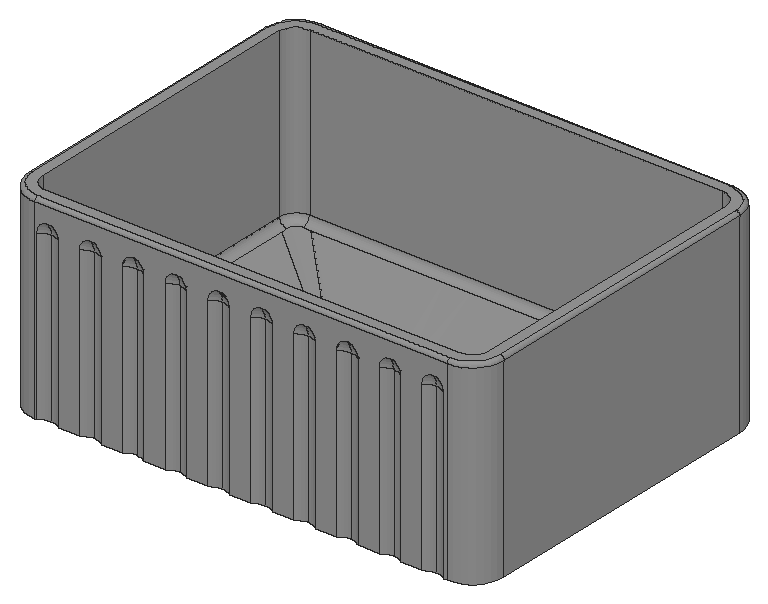
Revit family "BUILDMAT-SFFSSW04-Rose-Farmhouse-Fireclay-Sink-Gloss_White-Face_Based", category Generic Models, host Face, Revit 2026
Family settings
  Host = Face
  Can host rebar = No
  Round Connector Dimension = Use Diameter
  Part Type = Normal
  Cut with Voids When Loaded = No
  Maintain Annotation Orientation = No
  Shared = No
  Room Calculation Point = No
Parameters
  Undermount [instance] = 20 mm
  Default Elevation = 1219.2 mm
Reference planes
  plane 1 "Center (Front/Back)": y = 0
  plane 2: z = 0
  plane 3 "Center (Left/Right)": x = 0
  plane 4: z = -20
  plane 5: z = -274
  plane 6: x = -305
  plane 7: x = -287
  plane 8: x = 287
  plane 9: x = 305
  plane 10: y = 229.5
  plane 11: y = 211.5
  plane 12: y = -211.5
  plane 13: y = -229.5
  plane 14: x = -65
  plane 15: x = 65
  plane 16: x = 45
  plane 17: x = -45
  plane 18: y = 65
  plane 19: y = 45
  plane 20: y = -45
  plane 21: y = -65
  plane 22: z = -255
  plane 23: z = -243
Forms (mm)
  Extrusion 1, void
    sketch origin (0, 0, 0) x (1, 0, 0) y (0, 1, 0)
      loop
        arc (-265, 229.5) -> (-293.284, 217.784) -> (-305, 189.5) r 40
        line (-305, 189.5) -> (-305, -189.5)
        arc (-305, -189.5) -> (-293.284, -217.784) -> (-265, -229.5) r 40
        line (-265, -229.5) -> (265, -229.5)
        arc (265, -229.5) -> (293.284, -217.784) -> (305, -189.5) r 40
        line (305, -189.5) -> (305, 189.5)
        arc (305, 189.5) -> (293.284, 217.784) -> (265, 229.5) r 40
        line (265, 229.5) -> (-265, 229.5)
    from -290 to 0
Text (mm)
  text "Refer to www.buildmat.com.au for the most current product literature. \nAllow a +/- 5mm tolerance for dimensions shown in the product literature. \nPlease note product details are subject to change due to ongoing product development." at (0.056, -1069.547, 0), in view "Ref. Level"
Dimensions and locks
  "Undermount": host face to nested 1
  nested 1 to nested 1 = 254 mm
  nested 1 to nested 1 = 610 mm
  nested 1 to nested 1 = 574 mm
  nested 1 to nested 1 = 459 mm
  nested 1 to nested 1 = 423 mm
  nested 1 to nested 1 = 130 mm
  nested 1 to nested 1 = 90 mm
  nested 1 to nested 1 = 223 mm
  nested 1 to nested 1 = 235 mm
  aligned and locked: plane 2 to host face
  aligned and locked: level to host face
Automatic sketch dimensions
  host sketch curve to host sketch curve = 2438.4 mm  (x2)
  plane 1 "Center (Front/Back)" to Extrusion 1 sketch curve = 189.5 mm
  Extrusion 1 sketch curve to plane 3 "Center (Left/Right)" = 305 mm
  Extrusion 1 sketch curve to Extrusion 1 sketch curve = 40 mm  (x3)
  plane 3 "Center (Left/Right)" to Extrusion 1 sketch curve = 265 mm  (x2)
  Extrusion 1 sketch curve to plane 1 "Center (Front/Back)" = 189.5 mm
Nested families
  nested 1: "BUILDMAT-SFFSSW04-Rose-Farmhouse-Fireclay-Sink-Gloss_White" at (0, 0, -20), type "BUILDMAT-SFFSSW04-Rose-Farmhouse-Fireclay-Sink-Gloss_White"
Definition of nested family "BUILDMAT-SFFSSW04-Rose-Farmhouse-Fireclay-Sink-Gloss_White"
  Parameters (values of type "BUILDMAT-SFFSSW04-Rose-Farmhouse-Fireclay-Sink-Gloss_White")
    Width = 459 mm
    Material = none
    Length = 610 mm
    Depth = 254 mm
    Default Elevation = 0 mm
  Reference planes
    plane 1 "Center (Front/Back)": y = 0
    plane 2: z = 0
    plane 3 "Center (Left/Right)": x = 0
    plane 4: y = 229.5
    plane 5: y = 211.5
    plane 6: y = 65
    plane 7: y = 45
    plane 8: y = -45
    plane 9: y = -65
    plane 10: y = -211.5
    plane 11: y = -229.5
    plane 12: x = -305
    plane 13: x = -287
    plane 14: x = -65
    plane 15: x = -45
    plane 16: x = 45
    plane 17: x = 65
    plane 18: x = 287
    plane 19: x = 305
    plane 20: z = -254
    plane 21: z = -223
    plane 22: z = -235
  Forms (mm)
    Extrusion 1, solid, material <- "Material"
      sketch origin (0, 0, 20) x (1, 0, 0) y (0, 1, 0)
        loop
          arc (-265, 229.5) -> (-293.284, 217.784) -> (-305, 189.5) r 40
          line (-305, 189.5) -> (-305, -189.5)
          arc (-305, -189.5) -> (-293.284, -217.784) -> (-265, -229.5) r 40
          line (-265, -229.5) -> (265, -229.5)
          arc (265, -229.5) -> (293.284, -217.784) -> (305, -189.5) r 40
          line (305, -189.5) -> (305, 189.5)
          arc (305, 189.5) -> (293.284, 217.784) -> (265, 229.5) r 40
          line (265, 229.5) -> (-265, 229.5)
      from -274 to -20
    Extrusion 2, void
      sketch origin (0, 0, 20) x (1, 0, 0) y (0, 1, 0)
        loop
          arc (-265, 211.5) -> (-280.556, 205.056) -> (-287, 189.5) r 22
          line (-287, 189.5) -> (-287, -189.5)
          arc (-287, -189.5) -> (-280.556, -205.056) -> (-265, -211.5) r 22
          line (-265, -211.5) -> (265, -211.5)
          arc (265, -211.5) -> (280.556, -205.056) -> (287, -189.5) r 22
          line (287, -189.5) -> (287, 189.5)
          arc (287, 189.5) -> (280.556, 205.056) -> (265, 211.5) r 22
          line (265, 211.5) -> (-265, 211.5)
      from -243 to -20
    Blend 3, void
      base sketch origin (0, 0, 20) x (1, 0, 0) y (0, 1, 0)
        loop
          circle (0, 0) r 65
      top sketch origin (0, 0, 20) x (1, 0, 0) y (0, 1, 0)
        loop
          arc (-265, 211.5) -> (-280.556, 205.056) -> (-287, 189.5) r 22
          line (-287, 189.5) -> (-287, -189.5)
          arc (-287, -189.5) -> (-280.556, -205.056) -> (-265, -211.5) r 22
          line (-265, -211.5) -> (265, -211.5)
          arc (265, -211.5) -> (280.556, -205.056) -> (287, -189.5) r 22
          line (287, -189.5) -> (287, 189.5)
          arc (287, 189.5) -> (280.556, 205.056) -> (265, 211.5) r 22
          line (265, 211.5) -> (-265, 211.5)
      from -255 to -243
    Revolve 4, void
      sketch origin (0, 0, 20) x (1, 0, 0) y (0, 0, 1)
        loop
          line (0, -255) -> (-65, -255)
          arc (-65, -255) -> (-52.357, -261.718) -> (-45, -274) r 26.706
          line (-45, -274) -> (0, -274) -> (0, -255)
        axis (0, -274) -> (0, -255)
      angle from 0 to 360
    Revolve 5, void
      sketch origin (-248.75, 2.667, 19.102) x (0, 1, 0) y (0, 0, 1)
        loop
          line (-249.167, -273.102) -> (-227.167, -273.102) -> (-227.167, -58.318)
          arc (-227.167, -58.318) -> (-233.611, -42.762) -> (-249.167, -36.318) r 22
          line (-249.167, -36.318) -> (-249.167, -273.102)
        axis (-249.167, -36.318) -> (-249.167, -273.102)
      angle from 0 to 360
    Revolve 6, void
      sketch origin (-193.75, 2.667, 19.102) x (0, 1, 0) y (0, 0, 1)
        loop
          line (-249.167, -273.102) -> (-227.167, -273.102) -> (-227.167, -58.318)
          arc (-227.167, -58.318) -> (-233.611, -42.762) -> (-249.167, -36.318) r 22
          line (-249.167, -36.318) -> (-249.167, -273.102)
        axis (-249.167, -36.318) -> (-249.167, -273.102)
      angle from 0 to 360
    Revolve 7, void
      sketch origin (-138.75, 2.667, 19.102) x (0, 1, 0) y (0, 0, 1)
        loop
          line (-249.167, -273.102) -> (-227.167, -273.102) -> (-227.167, -58.318)
          arc (-227.167, -58.318) -> (-233.611, -42.762) -> (-249.167, -36.318) r 22
          line (-249.167, -36.318) -> (-249.167, -273.102)
        axis (-249.167, -36.318) -> (-249.167, -273.102)
      angle from 0 to 360
    Revolve 8, void
      sketch origin (-83.75, 2.667, 19.102) x (0, 1, 0) y (0, 0, 1)
        loop
          line (-249.167, -273.102) -> (-227.167, -273.102) -> (-227.167, -58.318)
          arc (-227.167, -58.318) -> (-233.611, -42.762) -> (-249.167, -36.318) r 22
          line (-249.167, -36.318) -> (-249.167, -273.102)
        axis (-249.167, -36.318) -> (-249.167, -273.102)
      angle from 0 to 360
    Revolve 9, void
      sketch origin (-28.75, 2.667, 19.102) x (0, 1, 0) y (0, 0, 1)
        loop
          line (-249.167, -273.102) -> (-227.167, -273.102) -> (-227.167, -58.318)
          arc (-227.167, -58.318) -> (-233.611, -42.762) -> (-249.167, -36.318) r 22
          line (-249.167, -36.318) -> (-249.167, -273.102)
        axis (-249.167, -36.318) -> (-249.167, -273.102)
      angle from 0 to 360
    Revolve 10, void
      sketch origin (26.25, 2.667, 19.102) x (0, 1, 0) y (0, 0, 1)
        loop
          line (-249.167, -273.102) -> (-227.167, -273.102) -> (-227.167, -58.318)
          arc (-227.167, -58.318) -> (-233.611, -42.762) -> (-249.167, -36.318) r 22
          line (-249.167, -36.318) -> (-249.167, -273.102)
        axis (-249.167, -36.318) -> (-249.167, -273.102)
      angle from 0 to 360
    Revolve 11, void
      sketch origin (81.25, 2.667, 19.102) x (0, 1, 0) y (0, 0, 1)
        loop
          line (-249.167, -273.102) -> (-227.167, -273.102) -> (-227.167, -58.318)
          arc (-227.167, -58.318) -> (-233.611, -42.762) -> (-249.167, -36.318) r 22
          line (-249.167, -36.318) -> (-249.167, -273.102)
        axis (-249.167, -36.318) -> (-249.167, -273.102)
      angle from 0 to 360
    Revolve 12, void
      sketch origin (136.25, 2.667, 19.102) x (0, 1, 0) y (0, 0, 1)
        loop
          line (-249.167, -273.102) -> (-227.167, -273.102) -> (-227.167, -58.318)
          arc (-227.167, -58.318) -> (-233.611, -42.762) -> (-249.167, -36.318) r 22
          line (-249.167, -36.318) -> (-249.167, -273.102)
        axis (-249.167, -36.318) -> (-249.167, -273.102)
      angle from 0 to 360
    Revolve 13, void
      sketch origin (191.25, 2.667, 19.102) x (0, 1, 0) y (0, 0, 1)
        loop
          line (-249.167, -273.102) -> (-227.167, -273.102) -> (-227.167, -58.318)
          arc (-227.167, -58.318) -> (-233.611, -42.762) -> (-249.167, -36.318) r 22
          line (-249.167, -36.318) -> (-249.167, -273.102)
        axis (-249.167, -36.318) -> (-249.167, -273.102)
      angle from 0 to 360
    Revolve 14, void
      sketch origin (246.25, 2.667, 19.102) x (0, 1, 0) y (0, 0, 1)
        loop
          line (-249.167, -273.102) -> (-227.167, -273.102) -> (-227.167, -58.318)
          arc (-227.167, -58.318) -> (-233.611, -42.762) -> (-249.167, -36.318) r 22
          line (-249.167, -36.318) -> (-249.167, -273.102)
        axis (-249.167, -36.318) -> (-249.167, -273.102)
      angle from 0 to 360
    Sweep 15, void
      path in 3D
        loop
          arc (-305, -189.5, 0) -> (-293.284, -217.784, 0) -> (-265, -229.5, 0) r 40
          line (-265, -229.5, 0) -> (265, -229.5, 0)
          arc (265, -229.5, 0) -> (293.284, -217.784, 0) -> (305, -189.5, 0) r 40
          line (305, -189.5, 0) -> (305, 189.5, 0)
          arc (305, 189.5, 0) -> (293.284, 217.784, 0) -> (265, 229.5, 0) r 40
          line (265, 229.5, 0) -> (-265, 229.5, 0)
          arc (-265, 229.5, 0) -> (-293.284, 217.784, 0) -> (-305, 189.5, 0) r 40
          line (-305, 189.5, 0) -> (-305, -189.5, 0)
      profile origin (-305, 0, 0) x (1, 0, 0) y (0, 0, 1)
        loop
          line (0, 0) -> (0, -5)
          arc (0, -5) -> (1.464, -1.464) -> (5, 0) r 5
          line (5, 0) -> (0, 0)
    Sweep 16, solid, material <- "Material"
      path in 3D
        loop
          arc (-287, 189.5, -223) -> (-280.556, 205.056, -223) -> (-265, 211.5, -223) r 22
          line (-265, 211.5, -223) -> (265, 211.5, -223)
          arc (265, 211.5, -223) -> (280.556, 205.056, -223) -> (287, 189.5, -223) r 22
          line (287, 189.5, -223) -> (287, -189.5, -223)
          arc (287, -189.5, -223) -> (280.556, -205.056, -223) -> (265, -211.5, -223) r 22
          line (265, -211.5, -223) -> (-265, -211.5, -223)
          arc (-265, -211.5, -223) -> (-280.556, -205.056, -223) -> (-287, -189.5, -223) r 22
          line (-287, -189.5, -223) -> (-287, 189.5, -223)
      profile origin (-287, 0, -223) x (0, 0, 1) y (1, 0, 0)
        loop
          line (0, 0) -> (10, 0)
          arc (10, 0) -> (2.741, 2.893) -> (-0.54, 9.985) r 10.555
          line (-0.54, 9.985) -> (0, 0)
  Cuts and joins
    Extrusion 2, Blend 3, Revolve 4, Revolve 5, Revolve 6, Revolve 7, Revolve 8, Revolve 9, Revolve 10, Revolve 11, Revolve 12, Revolve 13, Revolve 14, Sweep 15 cuts Extrusion 1
  Lines and regions (mm)
    sketch lines
      curve 1: line (-305, 189.5, 0) -> (-305, -189.5, 0)
      curve 2: arc (-305, 189.5, 0) -> (-293.284, 217.784, 0) -> (-265, 229.5, 0) r 40
      curve 3: line (265, 229.5, 0) -> (-265, 229.5, 0)
      curve 4: line (-265, -229.5, 0) -> (265, -229.5, 0)
      curve 5: arc (-265, -229.5, 0) -> (-293.284, -217.784, 0) -> (-305, -189.5, 0) r 40
      curve 6: arc (265, 229.5, 0) -> (293.284, 217.784, 0) -> (305, 189.5, 0) r 40
      curve 7: line (305, -189.5, 0) -> (305, 189.5, 0)
      curve 8: arc (305, -189.5, 0) -> (293.284, -217.784, 0) -> (265, -229.5, 0) r 40
      curve 9: line (-287, -189.5, -223) -> (-287, 189.5, -223)
      curve 10: arc (-287, 189.5, -223) -> (-280.556, 205.056, -223) -> (-265, 211.5, -223) r 22
      curve 11: line (-265, 211.5, -223) -> (265, 211.5, -223)
      curve 12: arc (265, 211.5, -223) -> (280.556, 205.056, -223) -> (287, 189.5, -223) r 22
      curve 13: line (287, 189.5, -223) -> (287, -189.5, -223)
      curve 14: arc (287, -189.5, -223) -> (280.556, -205.056, -223) -> (265, -211.5, -223) r 22
      curve 15: line (265, -211.5, -223) -> (-265, -211.5, -223)
      curve 16: arc (-265, -211.5, -223) -> (-280.556, -205.056, -223) -> (-287, -189.5, -223) r 22
  Text (mm)
    text "Refer to www.buildmat.com.au for the most current product literature. \nAllow a +/- 5mm tolerance for dimensions shown in the product literature. \nPlease note product details are subject to change due to ongoing product development." at (0.056, -667.044, 0), in view "Ref. Level"
  Dimensions and locks
    "Length": cut or joined group 1 (Extrusion 1, Extrusion 2, Blend 3, Revolve 4, Revolve 5, Revolve 6, Revolve 7, Revolve 8, Revolve 9, Revolve 10, Revolve 11, Revolve 12, Revolve 13, Revolve 14, Sweep 15) to cut or joined group 1
    cut or joined group 1 to cut or joined group 1 = 574 mm
    "Width": cut or joined group 1 to cut or joined group 1
    cut or joined group 1 to cut or joined group 1 = 423 mm
    cut or joined group 1 to cut or joined group 1 = 130 mm
    cut or joined group 1 to cut or joined group 1 = 90 mm
    "Depth": cut or joined group 1 to cut or joined group 1
    level to plane 21 = 223 mm
    level to plane 22 = 235 mm
    aligned and locked: level to plane 2
  Automatic sketch dimensions
    Extrusion 1 sketch curve to plane 11 = 0 mm
    Extrusion 1 sketch curve to plane 4 = 0 mm
    plane 10 to Extrusion 1 sketch curve = 22 mm
    Extrusion 1 sketch curve to plane 3 "Center (Left/Right)" = 305 mm
    Extrusion 1 sketch curve to plane 5 = 22 mm  (x2)
    plane 3 "Center (Left/Right)" to Extrusion 1 sketch curve = 265 mm
    Extrusion 1 sketch curve to Extrusion 1 sketch curve = 40 mm
    Extrusion 2 sketch curve to plane 5 = 0 mm
    Extrusion 2 sketch curve to plane 10 = 0 mm
    plane 10 to Extrusion 2 sketch curve = 22 mm
    Extrusion 2 sketch curve to plane 3 "Center (Left/Right)" = 287 mm
    Extrusion 2 sketch curve to Extrusion 2 sketch curve = 22 mm  (x2)
    plane 3 "Center (Left/Right)" to Extrusion 2 sketch curve = 265 mm  (x2)
    plane 1 "Center (Front/Back)" to Blend 3 sketch curve = 0 mm
    Blend 3 sketch curve to plane 3 "Center (Left/Right)" = 0 mm
    Blend 3 sketch curve to plane 5 = 0 mm
    Blend 3 sketch curve to plane 10 = 0 mm
    plane 10 to Blend 3 sketch curve = 22 mm
    Blend 3 sketch curve to plane 3 "Center (Left/Right)" = 287 mm
    Blend 3 sketch curve to Blend 3 sketch curve = 22 mm  (x2)
    Blend 3 sketch curve to plane 5 = 22 mm
    plane 3 "Center (Left/Right)" to Blend 3 sketch curve = 265 mm
    Revolve 4 sketch curve to plane 3 "Center (Left/Right)" = 0 mm  (x2)
    Revolve 4 sketch curve to plane 3 "Center (Left/Right)" = 45 mm
    Revolve 4 sketch curve to Revolve 4 sketch curve = 20 mm
    Revolve 4 sketch curve to Revolve 4 sketch curve = 5.751 mm
    Revolve 4 sketch curve to level = 261.08 mm
    Revolve 4 sketch curve to Revolve 4 sketch curve = 7.08 mm
    Revolve 4 sketch curve to Revolve 4 sketch curve = 0 mm  (x2)
    Revolve 5 sketch curve to plane 11 = 17 mm  (x3)
    plane 11 to Revolve 5 sketch curve = 5 mm
    Revolve 5 sketch curve to level = 254 mm
    Revolve 5 sketch curve to level = 39.216 mm
    Revolve 5 sketch curve to Revolve 5 sketch curve = 19.102 mm
    Revolve 5 sketch curve to Revolve 5 sketch curve = 0 mm  (x2)
    Revolve 6 sketch curve to plane 11 = 17 mm  (x3)
    plane 11 to Revolve 6 sketch curve = 5 mm
    Revolve 6 sketch curve to level = 254 mm
    Revolve 6 sketch curve to level = 39.216 mm
    Revolve 6 sketch curve to Revolve 6 sketch curve = 19.102 mm
    Revolve 6 sketch curve to Revolve 6 sketch curve = 0 mm  (x2)
    Revolve 7 sketch curve to plane 11 = 17 mm  (x3)
    plane 11 to Revolve 7 sketch curve = 5 mm
    Revolve 7 sketch curve to level = 254 mm
    Revolve 7 sketch curve to level = 39.216 mm
    Revolve 7 sketch curve to Revolve 7 sketch curve = 19.102 mm
    Revolve 7 sketch curve to Revolve 7 sketch curve = 0 mm  (x2)
    Revolve 8 sketch curve to plane 11 = 17 mm  (x3)
    plane 11 to Revolve 8 sketch curve = 5 mm
    Revolve 8 sketch curve to level = 254 mm
    Revolve 8 sketch curve to level = 39.216 mm
    Revolve 8 sketch curve to Revolve 8 sketch curve = 19.102 mm
    Revolve 8 sketch curve to Revolve 8 sketch curve = 0 mm  (x2)
    Revolve 9 sketch curve to plane 11 = 17 mm  (x3)
    plane 11 to Revolve 9 sketch curve = 5 mm
    Revolve 9 sketch curve to level = 254 mm
    Revolve 9 sketch curve to level = 39.216 mm
    Revolve 9 sketch curve to Revolve 9 sketch curve = 19.102 mm
    Revolve 9 sketch curve to Revolve 9 sketch curve = 0 mm  (x2)
    Revolve 10 sketch curve to plane 11 = 17 mm  (x3)
    plane 11 to Revolve 10 sketch curve = 5 mm
    Revolve 10 sketch curve to level = 254 mm
    Revolve 10 sketch curve to level = 39.216 mm
    Revolve 10 sketch curve to Revolve 10 sketch curve = 19.102 mm
    Revolve 10 sketch curve to Revolve 10 sketch curve = 0 mm  (x2)
    Revolve 11 sketch curve to plane 11 = 17 mm  (x3)
    plane 11 to Revolve 11 sketch curve = 5 mm
    Revolve 11 sketch curve to level = 254 mm
    Revolve 11 sketch curve to level = 39.216 mm
    Revolve 11 sketch curve to Revolve 11 sketch curve = 19.102 mm
    Revolve 11 sketch curve to Revolve 11 sketch curve = 0 mm  (x2)
    Revolve 12 sketch curve to plane 11 = 17 mm  (x3)
    plane 11 to Revolve 12 sketch curve = 5 mm
    Revolve 12 sketch curve to level = 254 mm
    Revolve 12 sketch curve to level = 39.216 mm
    Revolve 12 sketch curve to Revolve 12 sketch curve = 19.102 mm
    Revolve 12 sketch curve to Revolve 12 sketch curve = 0 mm  (x2)
    Revolve 13 sketch curve to plane 11 = 17 mm  (x3)
    plane 11 to Revolve 13 sketch curve = 5 mm
    Revolve 13 sketch curve to level = 254 mm
    Revolve 13 sketch curve to level = 39.216 mm
    Revolve 13 sketch curve to Revolve 13 sketch curve = 19.102 mm
    Revolve 13 sketch curve to Revolve 13 sketch curve = 0 mm  (x2)
    Revolve 14 sketch curve to plane 11 = 17 mm  (x3)
    plane 11 to Revolve 14 sketch curve = 5 mm
    Revolve 14 sketch curve to level = 254 mm
    Revolve 14 sketch curve to level = 39.216 mm
    Revolve 14 sketch curve to Revolve 14 sketch curve = 19.102 mm
    Revolve 14 sketch curve to Revolve 14 sketch curve = 0 mm  (x2)
    profile plane to Sweep 15 sketch curve = 0 mm
    Sweep 15 sketch curve to profile plane = 0 mm
    Sweep 15 sketch curve to Sweep 15 sketch curve = 5 mm
    Sweep 16 sketch curve to profile plane = 0 mm  (x2)
    Sweep 16 sketch curve to profile plane = 10 mm
    profile plane to Sweep 16 sketch curve = 10.555 mm
    profile plane to Sweep 16 sketch curve = 0.54 mm
    radius of Blend 3 sketch curve = 65 mm
